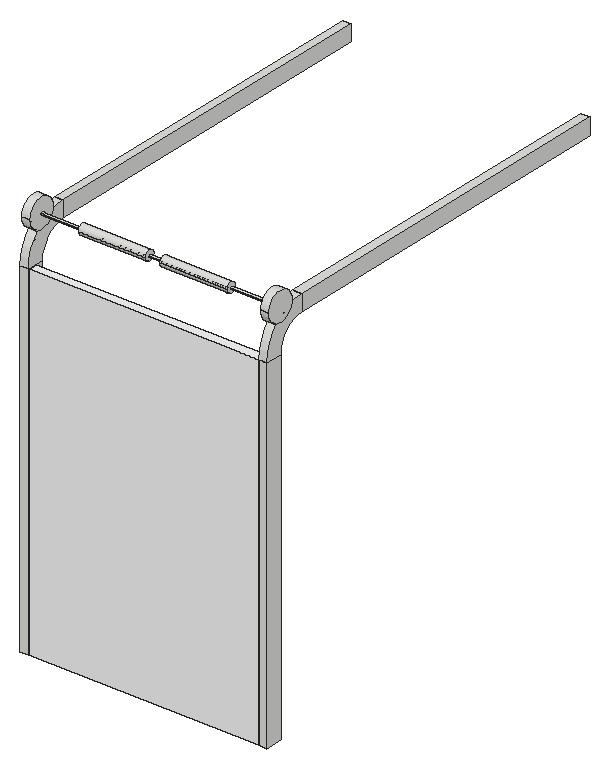
Revit family "Thermalweight-XLT", category Generic Models, host Wall, Revit 2026
Family settings
  Host = Wall
  Can host rebar = No
  Round Connector Dimension = Use Diameter
  Part Type = Normal
  Always vertical = Yes
  Cut with Voids When Loaded = Yes
  Maintain Annotation Orientation = No
  Shared = No
  Room Calculation Point = No
Parameters (values of type "8' x 12'")
  VerticalTrack = TrackHeight - (1' 6")  # 12' - 0"
  URL = ""
  Type Comments = "Insulated"  # constant formula
  TrackWidth = 0' - 3 1/2"
  TrackHeight = OpeningHeight + HeadRoom  # 13' - 6"
  TrackDepth = 0' - 6 7/8"  # constant formula
  Track Style = "Extremely Low Headroom"  # constant formula
  Track Roof Pitch = "None"  # constant formula
  PanelSize = 2' - 0"  # constant formula
  OpeningWidth = 8' - 0"
  OpeningHeight = 12' - 0"
  Model = "Thermalweight"  # constant formula
  Manufacturer = "TKO"  # constant formula
  HorizTrack = OpeningHeight - HeadRoom + 2' 0"  # 12' - 6"
  HeadRoom = 1' - 6"  # constant formula
  DoorThk = 0' - 4"  # constant formula
  Description = "Sectional Door"  # constant formula
  Default Elevation = 0' - 0"
Types (16): name | VerticalTrack | URL | TrackHeight | OpeningWidth | OpeningHeight | HorizTrack
  (no name) | 12' - 0" | "" | 13' - 6" | 8' - 0" | 12' - 0" | 12' - 6"
  8' x 10' | 10' - 0" | "" | 11' - 6" | 8' - 0" | 10' - 0" | 10' - 6"
  9' x 10' | 10' - 0" | "" | 11' - 6" | 9' - 0" | 10' - 0" | 10' - 6"
  10' x 10' | 10' - 0" | "" | 11' - 6" | 10' - 0" | 10' - 0" | 10' - 6"
  10' x 11' | 11' - 0" | "https://www.assaabloyentrance.us/en/aaes/assaabloyentranceus/products/commercial-industrial-doors/impactable-sectional-doors/" | 12' - 6" | 10' - 0" | 11' - 0" | 11' - 6"
  9' x 11' | 11' - 0" | "" | 12' - 6" | 9' - 0" | 11' - 0" | 11' - 6"
  8' x 11' | 11' - 0" | "" | 12' - 6" | 8' - 0" | 11' - 0" | 11' - 6"
  10' x 12' | 12' - 0" | "" | 13' - 6" | 10' - 0" | 12' - 0" | 12' - 6"
  8' x 12' | 12' - 0" | "" | 13' - 6" | 8' - 0" | 12' - 0" | 12' - 6"
  9' x 12' | 12' - 0" | "" | 13' - 6" | 9' - 0" | 12' - 0" | 12' - 6"
  10' x 8' | 8' - 0" | "" | 9' - 6" | 10' - 0" | 8' - 0" | 8' - 6"
  10' x 9' | 9' - 0" | "" | 10' - 6" | 10' - 0" | 9' - 0" | 9' - 6"
  8' x 9' | 9' - 0" | "" | 10' - 6" | 8' - 0" | 9' - 0" | 9' - 6"
  8' x 8' | 8' - 0" | "" | 9' - 6" | 8' - 0" | 8' - 0" | 8' - 6"
  9' x 9' | 9' - 0" | "" | 10' - 6" | 9' - 0" | 9' - 0" | 9' - 6"
  9' x 8' | 9' - 0" | "" | 10' - 6" | 9' - 0" | 9' - 0" | 9' - 6"
Reference planes (in)
  plane 1: y = 0
  plane 2 "Center (Left/Right)": x = 0
  plane 3 "Wall Edge": y = 3
  plane 4: x = -48
  plane 5: x = 48
  plane 6: z = 144
  plane 7: y = 3
  plane 8: y = 7
  plane 9: z = 24
  plane 10: z = 48
  plane 11: z = 72
  plane 12: x = -51.5
  plane 13: x = 51.5
  plane 14: y = 9.875
  plane 15: z = 162
  plane 16: z = 96
  plane 17: z = 120
  plane 18: x = -3
  plane 19: x = 3
  plane 20: x = 31
  plane 21: x = -31
  plane 22: z = 144
  plane 23: y = 21
  plane 24: y = 171
  plane 25: z = 155.125
Forms (in)
  Extrusion 1, void
    sketch origin (0, 3, 0) x (1, 0, 0) y (0, 0, 1)
      loop
        line (48, 144) -> (-48, 144) -> (-48, 0) -> (48, 0) -> (48, 144)
    from 0 to 6
  Extrusion 2, solid, material "DOOR PANEL"
    sketch origin (0, 0, 0) x (1, 0, 0) y (0, 1, 0)
      loop
        line (-48, 7) -> (-48, 3) -> (48, 3) -> (48, 7) -> (-48, 7)
    from 0 to 144
  Extrusion 3, solid, material "Steel"
    sketch origin (0, 0, 0) x (1, 0, 0) y (0, 1, 0)
      loop
        line (-51.5, 9.875) -> (-51.5, 3) -> (-48, 3) -> (-48, 9.875) -> (-51.5, 9.875)
      loop
        line (48, 9.875) -> (48, 3) -> (51.5, 3) -> (51.5, 9.875) -> (48, 9.875)
    from 0 to 144
  Extrusion 4, solid, material "Steel"
    sketch origin (0, 0, 0) x (0, 1, 0) y (0, 0, 1)
      loop
        circle (9.875, 162) r 6
    from 48 to 51.5
  Extrusion 5, solid, material "Steel"
    sketch origin (0, -59.32314, -12.86663) x (0, 1, 0) y (0, 0, -1)
      loop
        circle (69.19814, -174.86663) r 6
    from 48 to 51.5
  Extrusion 6, solid, material "Steel"
    sketch origin (0, 0, 0) x (0, 1, 0) y (0, 0, 1)
      loop
        circle (9.875, 162) r 0.5
    from -48 to 48
  Extrusion 7, solid, material "Steel"
    sketch origin (0, 0, 0) x (0, 1, 0) y (0, 0, 1)
      loop
        circle (9.875, 162) r 2
    from 3 to 31
  Extrusion 8, solid, material "Steel"
    sketch origin (0, 0, 0) x (0, 1, 0) y (0, 0, -1)
      loop
        circle (9.875, -162) r 2
    from 3 to 31
  Extrusion 9, solid, material "Steel"
    sketch origin (0, 0, 0) x (0, 1, 0) y (0, 0, 1)
      loop
        line (3, 144) -> (9.875, 144)
        arc (9.875, 144) -> (13.13344, 151.86656) -> (21, 155.125) r 11.125
        line (21, 155.125) -> (21, 162)
        arc (21, 162) -> (8.27208, 156.72792) -> (3, 144) r 18
    from 48 to 51.5
  Extrusion 10, solid, material "Steel"
    sketch origin (0, 0, 0) x (0, 1, 0) y (0, 0, -1)
      loop
        arc (3, -144) -> (8.27208, -156.72792) -> (21, -162) r 18
        line (21, -162) -> (21, -155.125)
        arc (21, -155.125) -> (13.13344, -151.86656) -> (9.875, -144) r 11.125
        line (9.875, -144) -> (3, -144)
    from 48 to 51.5
  Extrusion 11, solid, material "Steel"
    sketch origin (0, 3, 0) x (1, 0, 0) y (0, 0, 1)
      loop
        line (-51.5, 162) -> (-51.5, 155.125) -> (-48, 155.125) -> (-48, 162) -> (-51.5, 162)
      loop
        line (51.5, 162) -> (48, 162) -> (48, 155.125) -> (51.5, 155.125) -> (51.5, 162)
    from -168 to -18
Cuts and joins
  joined: Extrusion 3, Extrusion 4, Extrusion 5
Lines and regions (in)
  model lines
    curve 1: line (48, 3, 24) -> (-48, 3, 24)
    curve 2: line (-48, 3, 48) -> (48, 3, 48)
    curve 3: line (48, 3, 72) -> (-48, 3, 72)
    curve 4: line (48, 3, 96) -> (-48, 3, 96)
    curve 5: line (48, 3, 120) -> (-48, 3, 120)
Text (in)
  text "Placement Side" at (0, 40.15149, 123.01588), in view "Right"
  text "Placement Side" at (-70.3804, 83.26548, 0), in view "Ref. Level"
  text "Placement Side" at (0, 81.62555, 140.59947), in view "Left"
Dimensions and locks (in)
  locked: plane 3 "Wall Edge" to host wall
  equal spacing: plane 5, plane 2 "Center (Left/Right)", plane 4
  "OpeningWidth": plane 5 to plane 4
  "DoorThk": plane 7 to plane 8
  "TrackDepth": plane 14 to plane 7
  "TrackWidth": plane 12 to plane 4
  "TrackWidth": plane 5 to plane 13
  "PanelSize": plane 9 to level
  equal spacing: plane 17, plane 16, plane 11, plane 10, plane 9, level
  "OpeningHeight": level to plane 6
  equal spacing: plane 18, plane 2 "Center (Left/Right)", plane 19, locked at 3 each
  locked: plane 21 to plane 18 at 28
  locked: plane 19 to plane 20 at 28
  "VerticalTrack": level to plane 22
  "HeadRoom": plane 6 to plane 15
  locked: plane 7 to plane 23 at 18
  "HorizTrack": plane 24 to plane 23
  "TrackDepth": plane 15 to plane 25
  radius of Extrusion 4 sketch curve = 0' - 6"
  radius of Extrusion 5 sketch curve = 0' - 6"
  radius of Extrusion 6 sketch curve = 0' - 0 1/2"
  radius of Extrusion 7 sketch curve = 0' - 2"
  radius of Extrusion 8 sketch curve = 0' - 2"
  radius of Extrusion 10 sketch curve = 1' - 6"
  radius of Extrusion 9 sketch curve = 1' - 6"
  radius of Extrusion 10 sketch curve = 0' - 11 1/8"
  radius of Extrusion 9 sketch curve = 0' - 11 1/8"
  aligned and locked: host wall to plane 7
  aligned and locked: Extrusion 1 sketch curve to plane 5
  aligned and locked: Extrusion 1 sketch curve to plane 4
  aligned and locked: Extrusion 1 to plane 7
  aligned and locked: host wall to Extrusion 1
  aligned and locked: Extrusion 2 to plane 3 "Wall Edge"
  aligned and locked: plane 8 to Extrusion 2
  aligned and locked: Extrusion 2 to plane 6
  aligned and locked: Extrusion 3 sketch curve to plane 14  (x2)
  aligned and locked: Extrusion 3 sketch curve to plane 12
  aligned and locked: curve 1 to Extrusion 3 sketch curve
  aligned and locked: plane 5 to Extrusion 3 sketch curve
  aligned and locked: Extrusion 3 sketch curve to plane 7
  aligned and locked: Extrusion 3 sketch curve to plane 13
  aligned and locked: plane 15 to Extrusion 4 sketch curve
  aligned and locked: plane 13 to Extrusion 4
  aligned and locked: Extrusion 4 to plane 5
  aligned and locked: plane 4 to Extrusion 5
  aligned and locked: Extrusion 5 to plane 12
  aligned and locked: curve 2 to plane 10
  aligned and locked: curve 3 to plane 11
  aligned and locked: curve 1 to plane 9
  aligned and locked: plane 5 to Extrusion 6
  aligned and locked: Extrusion 6 to plane 4
  aligned and locked: cut or joined group of Extrusion 3, Extrusion 4, Extrusion 5 to level
  aligned and locked: Extrusion 2 to level
  aligned and locked: curve 4 to plane 16
  aligned and locked: curve 5 to plane 17
  aligned and locked: level to Extrusion 2
  aligned and locked: Extrusion 1 sketch curve to level
  aligned and locked: Extrusion 1 sketch curve to plane 6
  aligned and locked: plane 15 to Extrusion 7 sketch curve
  aligned and locked: plane 14 to Extrusion 7 sketch curve
  aligned and locked: Extrusion 7 to plane 20
  aligned and locked: plane 19 to Extrusion 7
  aligned and locked: Extrusion 8 to plane 18
  aligned and locked: plane 21 to Extrusion 8
  aligned and locked: plane 15 to Extrusion 8 sketch curve
  aligned and locked: Extrusion 8 sketch curve to plane 14
  aligned and locked: plane 22 to cut or joined group of Extrusion 3, Extrusion 4, Extrusion 5
  aligned and locked: plane 22 to Extrusion 9 sketch curve
  aligned and locked: Extrusion 9 sketch curve to plane 23
  aligned and locked: Extrusion 9 to cut or joined group of Extrusion 3, Extrusion 4, Extrusion 5
  aligned and locked: Extrusion 9 to plane 5
  aligned and locked: plane 4 to Extrusion 10
  aligned and locked: plane 13 to Extrusion 9
  aligned and locked: plane 5 to Extrusion 9
  aligned and locked: Extrusion 11 sketch curve to Extrusion 10  (x3)
  aligned and locked: Extrusion 11 sketch curve to Extrusion 9  (x2)
  aligned and locked: Extrusion 9 to Extrusion 11 sketch curve
  aligned and locked: plane 24 to Extrusion 11
  aligned and locked: Extrusion 11 to plane 23
  aligned and locked: Extrusion 10 to plane 12
  aligned and locked: Extrusion 10 to plane 4
  aligned and locked: Extrusion 2 to cut or joined group of Extrusion 3, Extrusion 4, Extrusion 5
  aligned and locked: Extrusion 2 to plane 5
  aligned and locked: plane 14 to Extrusion 5 sketch curve
  aligned and locked: plane 15 to Extrusion 5 sketch curve
  aligned and locked: plane 4 to cut or joined group of Extrusion 3, Extrusion 4, Extrusion 5
  aligned and locked: plane 25 to Extrusion 11 sketch curve
  aligned and locked: Extrusion 11 sketch curve to plane 25
  aligned and locked: Extrusion 10 to plane 22
  aligned and locked: plane 23 to Extrusion 10
  aligned and locked: Extrusion 9 to plane 22
  aligned and locked: plane 23 to Extrusion 9
Automatic sketch dimensions
  Extrusion 2 sketch curve to host wall = 0' - 0"
  plane 4 to Extrusion 2 sketch curve = 0' - 0"
  plane 5 to Extrusion 2 sketch curve = 0' - 0"
  Extrusion 2 sketch curve to plane 8 = 0' - 0"
  curve 3 to plane 4 = 0' - 0"
  curve 1 to plane 4 = 0' - 0"
  curve 2 to plane 4 = 0' - 0"
  curve 4 to plane 4 = 0' - 0"
  curve 5 to plane 4 = 0' - 0"
  curve 4 to plane 5 = 0' - 0"
  curve 2 to plane 5 = 0' - 0"
  curve 5 to plane 5 = 0' - 0"
  curve 1 to plane 5 = 0' - 0"
  curve 3 to plane 5 = 0' - 0"
  plane 4 to Extrusion 3 sketch curve = 0' - 0"
  plane 13 to Extrusion 3 sketch curve = 0' - 0"
  Extrusion 6 sketch curve to plane 15 = 0' - 0"
  Extrusion 10 sketch curve to host wall = 0' - 0"
  Extrusion 10 sketch curve to plane 15 = 0' - 0"
  Extrusion 4 sketch curve to plane 14 = 0' - 0"
  Extrusion 6 sketch curve to plane 14 = 0' - 0"
